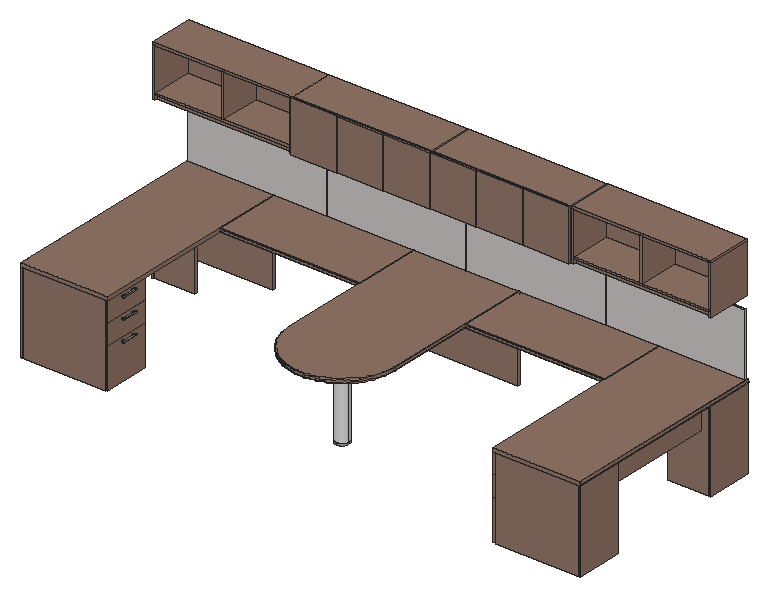
Revit family "JSI-Vision-Typical_Veneer-VSV115", category Furniture, Revit 2020 (continued)
Definition of nested family "JSI-Vision-Bullet_Peninsula_Desk"
  Forms (in)
    Extrusion 5, solid, material <- "Support Finish"
      sketch origin (0, -20, 0) x (1, 0, 0) y (0, 0, 1)
        loop
          line (7.67342, 27.81089) -> (10.2082, 27.81089) -> (10.2082, 28) -> (7.67503, 28)
          arc (7.67503, 28) -> (7.54348, 27.97383) -> (7.43196, 27.89932) r 0.34375
      from -1.5005 to -0.5005
  Cuts and joins
    joined: Extrusion 1, Sweep 3
  Lines and regions (in)
    symbolic lines
      curve 1: line (0.875, -15.374, 0) -> (9.875, -15.374, 0)
      curve 2: line (9.875, -15.374, 0) -> (9.875, -14.624, 0)
      curve 3: line (9.875, -14.624, 0) -> (0.875, -14.624, 0)
      curve 7: line (0, 0, 0) -> (51, 0, 0)
      curve 8: line (0, -29.999, 0) -> (0, 0, 0)
      curve 9: line (51, -29.999, 0) -> (0, -29.999, 0)
      curve 10: arc (51, 0, 0) -> (65.9995, -14.9995, 0) -> (51, -29.999, 0) r 14.9995
      curve 11: line (0.125, -0.187, 0) -> (0.875, -0.187, 0)
      curve 12: line (0.125, -29.811, 0) -> (0.125, -0.187, 0)
      curve 13: line (0.875, -29.811, 0) -> (0.125, -29.811, 0)
      curve 14: line (0.875, -0.187, 0) -> (0.875, -29.811, 0)
    sketch lines
      curve 4: line (0, -29.874, 29.1875) -> (51.001, -29.874, 29.1875)
      curve 5: arc (51.001, -0.125, 29.1875) -> (65.8755, -14.9995, 29.1875) -> (51.001, -29.874, 29.1875) r 14.8745
      curve 6: line (51.001, -0.125, 29.1875) -> (0, -0.125, 29.1875)
  Dimensions and locks (in)
    "Width": plane 3 "Center Left/Right" to plane 5
    "Depth": plane 7 to plane 1 "Center Front/Back"
    "Height": plane 6 to plane 4
    locked: Extrusion 1 to Extrusion 1 at 1.1875
    equal spacing: plane 7, plane 8, plane 1 "Center Front/Back"
    equal spacing: plane 3 "Center Left/Right", plane 9, plane 5
    locked: plane 3 "Center Left/Right" to plane 10 at 0.875
    locked: Extrusion 2 to Extrusion 2 at 0.75
    equal spacing: plane 12, plane 8, plane 11, locked at 0.375 each
    locked: plane 11 to plane 8 at 0.375
    locked: Extrusion 1 sketch curve to plane 5 at 0.1245
    locked: curve 10 to plane 5 at 0.0005
    "leg Pstn": plane 13 to plane 5
    plane 6 to Extrusion 4 sketch curve to Extrusion 4 sketch curve to Extrusion 4 sketch curve to Extrusion 4 sketch curve to Extrusion 4 sketch curve = 1 3/16" locked, 0.18911" locked, 5/32" locked, 6.45426" locked, 2.5327" locked
    plane 10 to Extrusion 4 sketch curve to Extrusion 4 sketch curve to Extrusion 4 sketch curve to Extrusion 4 sketch curve = 0.18999" locked, 0.15278" locked, 6.45565" locked, 2.53478" locked
    plane 6 to Extrusion 5 sketch curve to Extrusion 5 sketch curve to Extrusion 5 sketch curve to Extrusion 5 sketch curve to Extrusion 5 sketch curve = 1 3/16" locked, 0.18911" locked, 5/32" locked, 6.45426" locked, 2.5327" locked
    plane 10 to Extrusion 5 sketch curve to Extrusion 5 sketch curve to Extrusion 5 sketch curve to Extrusion 5 sketch curve = 0.18999" locked, 0.15278" locked, 6.45565" locked, 2.53478" locked
    Extrusion 4 to Extrusion 4 to plane 8 to Extrusion 5 to Extrusion 5 = 1" locked, 3 1/2" locked, 3 1/2" locked, 1" locked
    aligned and locked: level to plane 2
    aligned and locked: Extrusion 1 to plane 3 "Center Left/Right"
    aligned and locked: curve 7 to cut or joined group of Extrusion 1, Sweep 3
    aligned and locked: curve 8 to cut or joined group of Extrusion 1, Sweep 3
    aligned and locked: curve 9 to plane 7
    aligned and locked: Extrusion 4 sketch curve to Extrusion 2
  Automatic sketch dimensions
    curve 14 to plane 10 = 0"
    plane 3 "Center Left/Right" to curve 12 = 1/8"
    curve 1 to plane 12 = 0.0005"
    curve 1 to plane 10 = 9"
    curve 14 to plane 7 = 0.188"
    plane 11 to curve 2 = 0.0005"
    plane 1 "Center Front/Back" to curve 11 = 0.187"
    Extrusion 1 sketch curve to plane 8 = 0"
    Extrusion 1 sketch curve to plane 3 "Center Left/Right" = 0"
    Extrusion 1 sketch curve to plane 13 = 0.0005"
    Extrusion 2 sketch curve to level = 0"
    Extrusion 2 sketch curve to plane 7 = 0.188"
    plane 1 "Center Front/Back" to Extrusion 2 sketch curve = 0.187"
    Extrusion 2 sketch curve to plane 6 = 1 3/16"
    Sweep 3 sketch curve to profile plane = 0"  (x2)
    profile plane to Sweep 3 sketch curve = 1/8"
    Sweep 3 sketch curve to Sweep 3 sketch curve = 15/16"
    Extrusion 4 sketch curve to plane 10 = 0.10039"
    Extrusion 4 sketch curve to Extrusion 4 sketch curve = 0.04535"
    Extrusion 4 sketch curve to Extrusion 4 sketch curve = 0.00205"
    Extrusion 4 sketch curve to plane 6 = 1.28818"
    Extrusion 4 sketch curve to Extrusion 4 sketch curve = 0.24146"
    Extrusion 4 sketch curve to plane 6 = 1.42237"
    Extrusion 4 sketch curve to Extrusion 4 sketch curve = 0.00161"
    Extrusion 4 sketch curve to Extrusion 4 sketch curve = 0.00267"
    plane 10 to Extrusion 5 sketch curve = 0"
    Extrusion 5 sketch curve to plane 10 = 0.10039"
    Extrusion 5 sketch curve to Extrusion 5 sketch curve = 0.04535"
    Extrusion 5 sketch curve to Extrusion 5 sketch curve = 0.00205"
    Extrusion 5 sketch curve to plane 6 = 1.28818"
    Extrusion 5 sketch curve to Extrusion 5 sketch curve = 0.24146"
    Extrusion 5 sketch curve to Extrusion 5 sketch curve = 0.11049"
    Extrusion 5 sketch curve to Extrusion 5 sketch curve = 0.00161"
    Extrusion 5 sketch curve to Extrusion 5 sketch curve = 0.00267"
Definition of nested family "JSI-Vision_Modular_Bridge_Top"
  Parameters (values of type "Type Catalog")
    Worksurface = none
    Width = 36"
    URL = "www.jsifurniture.com"
    Type Comments = ""
    Series = "Vision Casegoods"  # constant formula
    Model = "Type Catalog"
    Material = ""
    Manufacturer = "JSI"  # constant formula
    Keynote = "12500"
    JSI Enviromental Website = "http://www.jsifurniture.com/jsi_sustainability_intro.php"
    Height = 30"
    Grommet Finish = none
    Description = "Type Catalog"
    Depth = 20"
    Default Elevation = 0"
    Assembly Code = "E2020200"
  Reference planes (in)
    plane 1: z = 0
    plane 2 "Center (Left/Right)": x = -36.06413
    plane 3: z = 30
    plane 4: z = 28.8125
    plane 5: y = -9.25
    plane 6 "Center (Front/Back)": y = 10.75
    plane 7: x = -18.06413
    plane 8: x = -0.06413
    plane 9: y = 7.8125
  Forms (in)
    Extrusion 1, solid, material <- "Worksurface"
      sketch origin (-36.06413, 0, 0) x (0, 1, 0) y (0, 0, 1)
        loop
          line (10.75, 28.8125) -> (10.75, 30) -> (-9.125, 30)
          arc (-9.125, 30) -> (-9.21339, 29.96339) -> (-9.25, 29.875) r 0.125
          line (-9.25, 29.875) -> (-9.25, 28.9375)
          arc (-9.25, 28.9375) -> (-9.21339, 28.84911) -> (-9.125, 28.8125) r 0.125
          line (-9.125, 28.8125) -> (10.75, 28.8125)
      from 0 to 36
  Lines and regions (in)
    symbolic lines
      curve 1: line (-36.06413, 10.75, 0) -> (-36.06413, -9.25, 0)
      curve 2: line (-0.06413, 10.75, 0) -> (-36.06413, 10.75, 0)
      curve 3: line (-0.06413, -9.25, 0) -> (-0.06413, 10.75, 0)
      curve 4: line (-36.06413, -9.25, 0) -> (-0.06413, -9.25, 0)
  Dimensions and locks (in)
    "Height": plane 3 to level
    locked: plane 3 to plane 4 at 1.1875
    equal spacing: plane 2 "Center (Left/Right)", plane 7, plane 8
    "Width": plane 2 "Center (Left/Right)" to plane 8
    "Depth": plane 5 to plane 6 "Center (Front/Back)"
    locked: plane 6 "Center (Front/Back)" to plane 9 at 2.9375
    aligned and locked: level to plane 1
    aligned and locked: Extrusion 1 to plane 8
    aligned and locked: curve 1 to Extrusion 1
    aligned and locked: curve 2 to Extrusion 1
    aligned and locked: curve 3 to Extrusion 1
    aligned and locked: curve 4 to plane 5
  Automatic sketch dimensions
    Extrusion 1 sketch curve to plane 5 = 0"
    Extrusion 1 sketch curve to plane 3 = 0"
    Extrusion 1 sketch curve to plane 4 = 0"
    Extrusion 1 sketch curve to plane 6 "Center (Front/Back)" = 0"
    Extrusion 1 sketch curve to Extrusion 1 sketch curve = 1/8"
    plane 5 to Extrusion 1 sketch curve = 1/8"
    curve 1 to plane 2 "Center (Left/Right)" = 0"
    plane 6 "Center (Front/Back)" to curve 3 = 0"
    curve 4 to plane 8 = 0"
Definition of nested family "JSI-Vision-Adj_Bridge_Modesty"
  Parameters (values of type "Modesty for Adj Bridge - Type Catalog Family")
    Width = 40"
    URL = "www.jsifurniture.com"
    Type Comments = ""
    Series = "Vision Casegoods"  # constant formula
    JSI Enviromental Website = "http://www.jsifurniture.com/jsi_sustainability_intro.php"
    Panel = none
    Height-Panel = 9"
    Height = 30"
    Default Elevation = 0"
    Bracket = none
    Model = "Type Catalog"
    Material = ""
    Manufacturer = "JSI"  # constant formula
    Keynote = "12500"  # constant formula
    Description = "Type Catalog"
    Assembly Code = "E2020200"
  Reference planes (in)
    plane 1 "Center Front/Back": y = 0
    plane 2: z = 0
    plane 3 "Center Left/Right": x = 0
    plane 4: z = 30
    plane 5: y = -0.75
    plane 6: x = 20
    plane 7: x = 40
    plane 8: z = 28.8125
    plane 9: x = 8.375
    plane 10: x = 31.625
    plane 11: z = 19.8125
  Forms (in)
    Extrusion 1, solid, material <- "Panel"
      sketch origin (-12, -1, 0) x (1, 0, 0) y (0, 0, -1)
        loop
          line (12, -28.8125) -> (52, -28.8125) -> (52, -19.8125) -> (12, -19.8125) -> (12, -28.8125)
      from 0.25 to 1
    Extrusion 2, solid, material <- "Bracket", detail levels medium+fine
      sketch origin (-12, -1, 0) x (0, -1, 0) y (0, 0, -1)
        loop
          line (1, -28.8125) -> (1, -28.6875) -> (-0.125, -28.6875) -> (-0.125, -22.8125) -> (-0.25, -22.8125) -> (-0.25, -28.8125) -> (1, -28.8125)
      from 20 to 20.75
    Extrusion 3, solid, material <- "Bracket", detail levels medium+fine
      sketch origin (11.625, -1, 0) x (0, -1, 0) y (0, 0, -1)
        loop
          line (1, -28.8125) -> (1, -28.6875) -> (-0.125, -28.6875) -> (-0.125, -22.8125) -> (-0.25, -22.8125) -> (-0.25, -28.8125) -> (1, -28.8125)
      from 8 to 8.75
    Extrusion 4, solid, material <- "Bracket", detail levels medium+fine
      sketch origin (35.25, -1, 0) x (0, -1, 0) y (0, 0, -1)
        loop
          line (1, -28.8125) -> (1, -28.6875) -> (-0.125, -28.6875) -> (-0.125, -22.8125) -> (-0.25, -22.8125) -> (-0.25, -28.8125) -> (1, -28.8125)
      from -4 to -3.25
  Lines and regions (in)
    symbolic lines
      curve 1: line (0, 0, 0) -> (40, 0, 0)
      curve 2: line (0, -0.75, 0) -> (0, 0, 0)
      curve 3: line (40, -0.75, 0) -> (0, -0.75, 0)
      curve 4: line (40, 0, 0) -> (40, -0.75, 0)
  Dimensions and locks (in)
    locked: Extrusion 2 to Extrusion 2 at 0.75
    locked: Extrusion 3 to Extrusion 3 at 0.75
    locked: Extrusion 4 to Extrusion 4 at 0.75
    locked: plane 10 to plane 7 at 8.375
    equal spacing: Extrusion 2, plane 9, Extrusion 2
    equal spacing: Extrusion 4, plane 10, Extrusion 4
    "Height": plane 4 to plane 2
    "Height-Panel": plane 8 to plane 11
    locked: plane 4 to plane 8 at 1.1875
    equal spacing: plane 3 "Center Left/Right", plane 6, plane 7
    "Width": plane 3 "Center Left/Right" to plane 7
    equal spacing: Extrusion 3, plane 6, Extrusion 3
    locked: plane 3 "Center Left/Right" to plane 9 at 8.375
    aligned and locked: level to plane 2
    aligned and locked: Extrusion 1 to plane 5
    aligned and locked: Extrusion 1 to plane 7
    aligned and locked: plane 8 to Extrusion 1
    aligned and locked: plane 8 to Extrusion 2
    aligned and locked: plane 8 to Extrusion 3
    aligned and locked: plane 8 to Extrusion 4
    aligned and locked: curve 3 to Extrusion 1
    aligned and locked: plane 7 to curve 4
    aligned and locked: curve 1 to Extrusion 1
    aligned and locked: Extrusion 1 to plane 11
    aligned and locked: Extrusion 1 to plane 1 "Center Front/Back"
    aligned and locked: Extrusion 1 to plane 3 "Center Left/Right"
  Automatic sketch dimensions
    plane 7 to Extrusion 1 sketch curve = 0"
    Extrusion 1 sketch curve to plane 8 = 0"
    Extrusion 1 sketch curve to Extrusion 1 sketch curve = 9"
    Extrusion 2 sketch curve to plane 5 = 0"
    Extrusion 2 sketch curve to plane 8 = 0"
    Extrusion 2 sketch curve to Extrusion 2 sketch curve = 1/8"
    Extrusion 2 sketch curve to plane 8 = 1/8"
    Extrusion 2 sketch curve to Extrusion 2 sketch curve = 1 1/8"
    Extrusion 2 sketch curve to Extrusion 2 sketch curve = 5 7/8"
    Extrusion 3 sketch curve to plane 5 = 0"
    Extrusion 3 sketch curve to plane 8 = 0"
    Extrusion 3 sketch curve to Extrusion 3 sketch curve = 1/8"
    Extrusion 3 sketch curve to plane 8 = 1/8"
    Extrusion 3 sketch curve to Extrusion 3 sketch curve = 1 1/8"
    Extrusion 3 sketch curve to Extrusion 3 sketch curve = 5 7/8"
    Extrusion 4 sketch curve to plane 5 = 0"
    Extrusion 4 sketch curve to plane 8 = 0"
    Extrusion 4 sketch curve to Extrusion 4 sketch curve = 1/8"
    Extrusion 4 sketch curve to plane 8 = 1/8"
    Extrusion 4 sketch curve to Extrusion 4 sketch curve = 1 1/8"
    Extrusion 4 sketch curve to Extrusion 4 sketch curve = 5 7/8"
    plane 9 to curve 1 = 8 3/8"
    plane 9 to Extrusion 1 sketch curve = 8 3/8"
Definition of nested family "JSI-Vision-Modular_Full_Height_Back_Modular_Pedestal"
  Parameters (values of type "VSV1628MPBK, Modular Full Height Back Panel for Modular Pedestal- Veneer")
    Panel Finish = none
    Width = 16"
    URL = "www.jsifurniture.com"
    Type Comments = ""
    Series = "Vision Casegoods"  # constant formula
    Model = "VSV1628MPBK"
    Material = ""
    Manufacturer = "JSI"  # constant formula
    Keynote = "12500"  # constant formula
    JSI Enviromental Website = "http://www.jsifurniture.com/jsi_sustainability_intro.php"
    Height = 28"
    Description = "Modular Full Height Back Panel for Modular Pedestal- Veneer"
    Depth = 3/4"
    Default Elevation = 0"
    Assembly Code = "E2020200"
  Types (4): name | Width | Model | Description
    VST1628MPBK, Modular Full Height Back Panel for Modular Pedestal- Laminate | 16" | "VST1628MPBK" | "Modular Full Height Back Panel for Modular Pedestal- Laminate"
    VST3628MPBK, Modular Full Height Back Panel for Modular Pedestal- Laminate | 35 7/8" | "VST3628MPBK" | "Modular Full Height Back Panel for Modular Pedestal- Laminate"
    VSV1628MPBK, Modular Full Height Back Panel for Modular Pedestal- Veneer | 16" | "VSV1628MPBK" | "Modular Full Height Back Panel for Modular Pedestal- Veneer"
    VSV3628MPBK, Modular Full Height Back Panel for Modular Pedestal- Veneer | 35 7/8" | "VSV3628MPBK" | "Modular Full Height Back Panel for Modular Pedestal- Veneer"
  Reference planes (in)
    plane 1 "Center Front/Back": y = 0
    plane 2: z = 0
    plane 3 "Center Left/Right": x = 0
    plane 4: z = 28
    plane 5: x = 16
    plane 6: y = -0.75
  Forms (in)
    Extrusion 1, solid, material <- "Panel Finish"
      sketch origin (0, 0, 0) x (1, 0, 0) y (0, 1, 0)
        loop
          line (0, 0) -> (0, -0.75) -> (16, -0.75) -> (16, 0) -> (0, 0)
      from 0 to 28
  Lines and regions (in)
    symbolic lines
      curve 1: line (0, 0, 0) -> (16, 0, 0)
      curve 2: line (0, -0.75, 0) -> (0, 0, 0)
      curve 3: line (16, -0.75, 0) -> (0, -0.75, 0)
      curve 4: line (16, 0, 0) -> (16, -0.75, 0)
  Dimensions and locks (in)
    "Width": plane 3 "Center Left/Right" to plane 5
    "Depth": plane 1 "Center Front/Back" to plane 6
    "Height": plane 4 to plane 2
    aligned and locked: level to plane 2
    aligned and locked: plane 3 "Center Left/Right" to Extrusion 1 sketch curve
    aligned and locked: Extrusion 1 sketch curve to plane 5
    aligned and locked: plane 6 to Extrusion 1 sketch curve
    aligned and locked: plane 1 "Center Front/Back" to Extrusion 1 sketch curve
    aligned and locked: plane 4 to Extrusion 1
    aligned and locked: plane 3 "Center Left/Right" to curve 2
    aligned and locked: curve 4 to plane 5
    aligned and locked: plane 1 "Center Front/Back" to curve 1
    aligned and locked: plane 6 to curve 3
